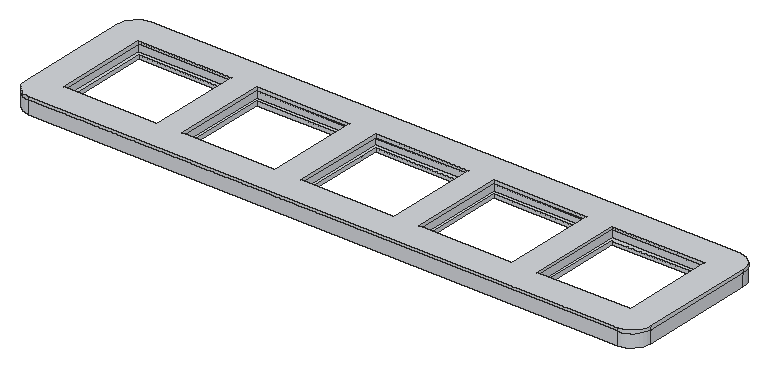
Revit family "Gira_0215412", category Electrical Fixtures, host Face, Revit 2017
Family settings
  Host = Face
  Maintain Annotation Orientation = No
  Round Connector Dimension = Use Diameter
  Part Type = Normal
  Cut with Voids When Loaded = No
  Shared = No
  Room Calculation Point = No
Parameters (values of type "Cov.fr. 5-g Gira E3 grey/p.white")
  URL = "http://katalog.gira.de/en/datenblatt.html?artikelnr=0215412"
  Transparent = "No"
  Name = "Cov.fr. 5-g Gira E3 grey/p.white"
  Manufacturer URL = "https://www.gira.de/"
  Manufacturer = "Gira"
  Keynote = ""
  HeinzeBIM = "https://bimportal.heinze.de/bim/cov-fr-5-g-gira-e3-grey-p-white/00cfe7bd6cb256b62273b17452c6ab62872bf765"
  HAN = "0215412"
  GTIN = "4010337023937"
  Description = "Cov.fr.5g E3 GyPw,Gira E3 cover frame,grey soft touch with pure white glossy intermediate frame,5-gang,Features:,- Shatter-proof.,,Notes :,- Soft-touch surface,- NCS value: approx. NCS S 3500-N"
  Default Elevation = 1219.2 mm
  Data sheet (1) = "https://katalog.gira.de/en/download.html?artikelnr=0215412"
  Category = "Cover frame for domestic switching devices"
  BIM (1) = "https://media.stage.bim.site/public/gira/36a6b08/E3_Rahmen_5fach.rfa"
  Available = "No"
Reference planes
  plane 1 "Center (Front/Back)": y = 0
  plane 2: z = 0
  plane 3 "Center (Left/Right)": x = 0
Forms (mm)
  Extrusion 1, solid, detail levels fine
    sketch origin (0, 0, 0) x (1, 0, 0) y (0, 1, 0)
      loop
        arc (-177.4, 45.809) -> (-185.185, 42.585) -> (-188.409, 34.8) r 11.009
        line (-188.409, 34.8) -> (-188.409, -34.8)
        arc (-188.409, -34.8) -> (-185.185, -42.585) -> (-177.4, -45.809) r 11.009
        line (-177.4, -45.809) -> (177.4, -45.809)
        arc (177.4, -45.809) -> (185.185, -42.585) -> (188.409, -34.8) r 11.009
        line (188.409, -34.8) -> (188.409, 34.8)
        arc (188.409, 34.8) -> (185.185, 42.585) -> (177.4, 45.809) r 11.009
        line (177.4, 45.809) -> (-177.4, 45.809)
      loop
        line (-114.5, 28.187) -> (-170.756, 28.187) -> (-170.756, -28.187) -> (-114.5, -28.187) -> (-114.5, 28.187)
      loop
        line (-99.6, 28.187) -> (-99.6, -28.187) -> (-43.344, -28.187) -> (-43.344, 28.187) -> (-99.6, 28.187)
      loop
        line (114.5, 28.187) -> (114.5, -28.187) -> (170.756, -28.187) -> (170.756, 28.187) -> (114.5, 28.187)
      loop
        line (28.301, 28.187) -> (-27.955, 28.187) -> (-27.955, -28.187) -> (28.301, -28.187) -> (28.301, 28.187)
      loop
        line (43.143, 28.187) -> (43.143, -28.187) -> (99.399, -28.187) -> (99.399, 28.187) -> (43.143, 28.187)
    from 7.65 to 9.5
  Extrusion 2, solid, detail levels fine
    sketch origin (-142.8, 0, 0) x (1, 0, 0) y (0, 1, 0)
      loop
        line (26.1, 25.7) -> (-25.7, 25.7) -> (-25.7, -25.7) -> (26.1, -25.7) -> (26.1, 25.7)
      loop
        line (-28.187, -28.156) -> (28.187, -28.156) -> (28.187, 28.156) -> (-28.187, 28.156) -> (-28.187, -28.156)
    from 1.65 to 3.9
  Extrusion 3, solid, detail levels fine
    sketch origin (0, 0, 0) x (1, 0, 0) y (0, 1, 0)
      loop
        arc (-177.4, 45.809) -> (-185.185, 42.585) -> (-188.409, 34.8) r 11.009
        line (-188.409, 34.8) -> (-188.409, -34.8)
        arc (-188.409, -34.8) -> (-185.185, -42.585) -> (-177.4, -45.809) r 11.009
        line (-177.4, -45.809) -> (177.4, -45.809)
        arc (177.4, -45.809) -> (185.185, -42.585) -> (188.409, -34.8) r 11.009
        line (188.409, -34.8) -> (188.409, 34.8)
        arc (188.409, 34.8) -> (185.185, 42.585) -> (177.4, 45.809) r 11.009
        line (177.4, 45.809) -> (-177.4, 45.809)
      loop
        line (-186.443, 34.785) -> (-186.443, -34.785)
        arc (-186.443, -34.785) -> (-183.79, -41.19) -> (-177.385, -43.843) r 9.058
        line (-177.385, -43.843) -> (177.385, -43.843)
        arc (177.385, -43.843) -> (183.79, -41.19) -> (186.443, -34.785) r 9.058
        line (186.443, -34.785) -> (186.443, 34.785)
        arc (186.443, 34.785) -> (183.79, 41.19) -> (177.385, 43.843) r 9.058
        line (177.385, 43.843) -> (-177.385, 43.843)
        arc (-177.385, 43.843) -> (-183.79, 41.19) -> (-186.443, 34.785) r 9.058
    from 0 to 7.65
  Extrusion 4, solid, detail levels fine
    sketch origin (-35.75, 0, 0) x (1, 0, 0) y (0, 1, 0)
      loop
        line (-134.256, -31.075) -> (205.755, -31.075)
        arc (205.755, -31.075) -> (208.399, -29.98) -> (209.494, -27.337) r 3.739
        line (209.494, -27.337) -> (209.494, 27.337)
        arc (209.494, 27.337) -> (208.399, 29.98) -> (205.755, 31.075) r 3.739
        line (205.755, 31.075) -> (-134.256, 31.075)
        arc (-134.256, 31.075) -> (-136.899, 29.98) -> (-137.994, 27.337) r 3.739
        line (-137.994, 27.337) -> (-137.994, -27.337)
        arc (-137.994, -27.337) -> (-136.899, -29.98) -> (-134.256, -31.075) r 3.739
      loop
        line (-136.844, 27.537) -> (-136.844, -27.537)
        arc (-136.844, -27.537) -> (-136.145, -29.226) -> (-134.456, -29.925) r 2.389
        line (-134.456, -29.925) -> (205.955, -29.925)
        arc (205.955, -29.925) -> (207.644, -29.226) -> (208.344, -27.537) r 2.389
        line (208.344, -27.537) -> (208.344, 27.537)
        arc (208.344, 27.537) -> (207.644, 29.226) -> (205.955, 29.925) r 2.389
        line (205.955, 29.925) -> (-134.456, 29.925)
        arc (-134.456, 29.925) -> (-136.145, 29.226) -> (-136.844, 27.537) r 2.389
    from 1.65 to 7.65
  Extrusion 5, solid, detail levels fine
    sketch origin (0, 0, 0) x (1, 0, 0) y (0, 1, 0)
      loop
        line (-174.653, -39.8) -> (174.653, -39.8)
        arc (174.653, -39.8) -> (180.267, -36.708) -> (182.5, -30.7) r 9.2
        line (182.5, -30.7) -> (182.5, 30.7)
        arc (182.5, 30.7) -> (179.805, 37.205) -> (173.3, 39.9) r 9.2
        line (173.3, 39.9) -> (-173.3, 39.9)
        arc (-173.3, 39.9) -> (-179.805, 37.205) -> (-182.5, 30.7) r 9.2
        line (-182.5, 30.7) -> (-182.5, -30.7)
        arc (-182.5, -30.7) -> (-180.267, -36.708) -> (-174.653, -39.8) r 9.2
      loop
        line (-173.3, -31.7) -> (173.3, -31.7)
        arc (173.3, -31.7) -> (174.007, -31.407) -> (174.3, -30.7) r 1
        line (174.3, -30.7) -> (174.3, 30.7)
        arc (174.3, 30.7) -> (174.007, 31.407) -> (173.3, 31.7) r 1
        line (173.3, 31.7) -> (-173.3, 31.7)
        arc (-173.3, 31.7) -> (-174.007, 31.407) -> (-174.3, 30.7) r 1
        line (-174.3, 30.7) -> (-174.3, -30.7)
        arc (-174.3, -30.7) -> (-174.007, -31.407) -> (-173.3, -31.7) r 1
    from 1.65 to 3.9
  Extrusion 6, solid, detail levels fine
    sketch origin (-142.8, 0, 0) x (1, 0, 0) y (0, 1, 0)
      loop
        line (-28.187, 28.156) -> (-28.187, -28.156) -> (28.187, -28.156) -> (28.187, 28.156) -> (-28.187, 28.156)
      loop
        line (-29.925, 29.925) -> (-29.925, -29.925) -> (29.925, -29.925) -> (29.925, 29.925) -> (-29.925, 29.925)
    from 1.65 to 7.65
  Extrusion 7, solid, detail levels coarse+medium
    sketch origin (0, 0, 0) x (1, 0, 0) y (0, 1, 0)
      loop
        line (-188.409, 45.809) -> (-188.409, -45.809) -> (188.409, -45.809) -> (188.409, 45.809) -> (-188.409, 45.809)
    from 0 to 9.5
  Extrusion 8, solid, detail levels fine
    sketch origin (-71.3, 0, 0) x (-1, 0, 0) y (0, -1, 0)
      loop
        line (25.9, -25.7) -> (25.9, 25.7) -> (-25.9, 25.7) -> (-25.9, -25.7) -> (25.9, -25.7)
      loop
        line (-28.187, 28.156) -> (-28.187, -28.156) -> (28.187, -28.156) -> (28.187, 28.156) -> (-28.187, 28.156)
    from 1.65 to 3.9
  Extrusion 9, solid, detail levels fine
    sketch origin (-71.3, 0, 0) x (-1, 0, 0) y (0, -1, 0)
      loop
        line (-28.187, -28.156) -> (28.187, -28.156) -> (28.187, 28.156) -> (-28.187, 28.156) -> (-28.187, -28.156)
      loop
        line (-29.925, -29.925) -> (29.925, -29.925) -> (29.925, 29.925) -> (-29.925, 29.925) -> (-29.925, -29.925)
    from 1.65 to 7.65
  Extrusion 10, solid, detail levels fine
    sketch origin (0.2, 0, 0) x (-1, 0, 0) y (0, -1, 0)
      loop
        line (26.1, -25.7) -> (26.1, 25.7) -> (-25.7, 25.7) -> (-25.7, -25.7) -> (26.1, -25.7)
      loop
        line (-28.187, 28.156) -> (-28.187, -28.156) -> (28.187, -28.156) -> (28.187, 28.156) -> (-28.187, 28.156)
    from 1.65 to 3.9
  Extrusion 11, solid, detail levels fine
    sketch origin (0.2, 0, 0) x (-1, 0, 0) y (0, -1, 0)
      loop
        line (-28.187, -28.156) -> (28.187, -28.156) -> (28.187, 28.156) -> (-28.187, 28.156) -> (-28.187, -28.156)
      loop
        line (-29.925, -29.925) -> (29.925, -29.925) -> (29.925, 29.925) -> (-29.925, 29.925) -> (-29.925, -29.925)
    from 1.65 to 7.65
  Extrusion 12, solid, detail levels fine
    sketch origin (71.5, 0, 0) x (-1, 0, 0) y (0, -1, 0)
      loop
        line (26.1, -25.7) -> (26.1, 25.7) -> (-25.7, 25.7) -> (-25.7, -25.7) -> (26.1, -25.7)
      loop
        line (-28.187, 28.156) -> (-28.187, -28.156) -> (28.187, -28.156) -> (28.187, 28.156) -> (-28.187, 28.156)
    from 1.65 to 3.9
  Extrusion 13, solid, detail levels fine
    sketch origin (71.5, 0, 0) x (-1, 0, 0) y (0, -1, 0)
      loop
        line (-28.187, -28.156) -> (28.187, -28.156) -> (28.187, 28.156) -> (-28.187, 28.156) -> (-28.187, -28.156)
      loop
        line (-29.925, -29.925) -> (29.925, -29.925) -> (29.925, 29.925) -> (-29.925, 29.925) -> (-29.925, -29.925)
    from 1.65 to 7.65
  Extrusion 14, solid, detail levels fine
    sketch origin (142.8, 0, 0) x (-1, 0, 0) y (0, -1, 0)
      loop
        line (26.1, -25.7) -> (26.1, 25.7) -> (-25.7, 25.7) -> (-25.7, -25.7) -> (26.1, -25.7)
      loop
        line (-28.187, 28.156) -> (-28.187, -28.156) -> (28.187, -28.156) -> (28.187, 28.156) -> (-28.187, 28.156)
    from 1.65 to 3.9
  Extrusion 15, solid, detail levels fine
    sketch origin (142.8, 0, 0) x (-1, 0, 0) y (0, -1, 0)
      loop
        line (-28.187, -28.156) -> (28.187, -28.156) -> (28.187, 28.156) -> (-28.187, 28.156) -> (-28.187, -28.156)
      loop
        line (-29.925, -29.925) -> (29.925, -29.925) -> (29.925, 29.925) -> (-29.925, 29.925) -> (-29.925, -29.925)
    from 1.65 to 7.65
Dimensions and locks
  aligned and locked: plane 2 to host face
  aligned and locked: level to host face
